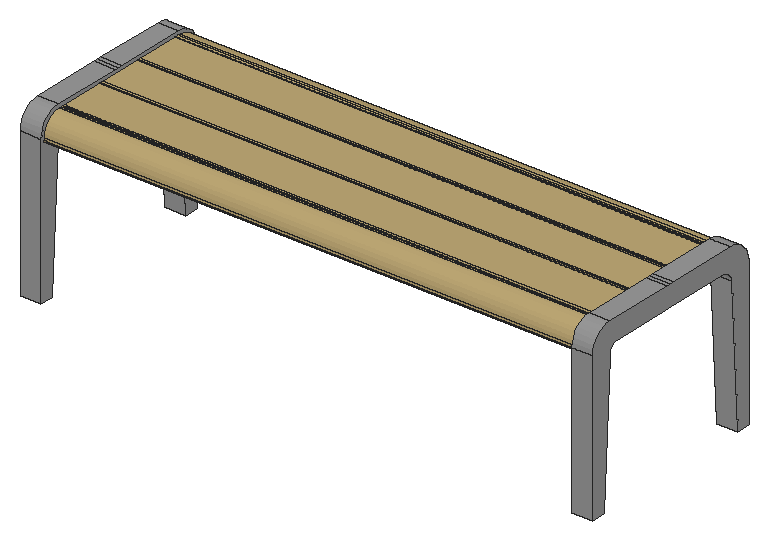
Revit family "L-FUR_벤치_YB-251_예건", category 일반 모델, Revit 2021
Family settings
  보강 철근 호스트 가능 = 아니오
  원형 커넥터 치수 = 지름 사용
  부품 유형 = 보통
  작업 기준면 기반 = 아니오
  항상 수직 = 예
  로드될 때 보이드를 사용하여 절단 = 아니오
  공유 = 아니오
  룸 계산 점 = 아니오
Parameters
  한국산업규격KS = ""
  조달청표준공사코드-세부공종 = "23574250"
  기본 입면도 = 0 mm
  건설정보분류체계-부위분류 = "E943"
  LIM_INFO_주의사항 = "재배포, 재가공, 판매 금지"
  LIM_INFO_제품업체 = "예건"
  LIM_INFO_제품번호 = "YF-16"
  LIM_INFO_제품명 = "펜스_YF-16"
  LIM_INFO_제작일 = "20230315"
  LIM_INFO_재료 = "Hardwood, STL-pipe, STL-plate"
  LIM_INFO_업체정보 = ""
  LIM_INFO_업체URL = "https://yekun.com/"
  LIM_INFO_업체TEL = "(+82)31-943-6114"
  LIM_INFO_업체EMAIL = "yekun@yekun.com"
  LIM_INFO_버전 = "2023_V01"
  LIM_INFO_기타정보 = ""
  LIM_INFO_규격 = "W2000 x H1800"
  LIM_INFO_가격 = 0
  LIM_INFO_PV_포장재여부 = yes
  LIM_INFO_PV_면적 = 0.00 m²
  KBIMS_식별-버전 = ""
  KBIMS_식별-bSK등록번호 = ""
  KBIMS_보급정보-저작자 = "림인포테크_MMJ"
  KBIMS_보급정보-보급코드 = ""
Reference planes
  plane 1 "중심(앞/뒤)": y = 0
  plane 2: z = 0
  plane 3 "중심(왼쪽/오른쪽)": x = 0
Dimensions and locks
  aligned and locked: level to plane 2
Nested families
  nested 1: "YB-251_base" at (0, 0, 0), type "YB-251_base"
Definition of nested family "YB-251_base"
  Parameters (values of type "YB-251_base")
    Default Elevation = 0 mm
  Reference planes
    plane 1 "중심(앞/뒤)": y = 0
    plane 2: z = 0
    plane 3 "중심(왼쪽/오른쪽)": x = 0
  Forms (mm)
    Sweep 1, solid, not visible, detail levels fine
      path origin (0, 0, 0) x (1, 0, 0) y (0, 1, 0)
        loop
          circle (-1867.879, -167.062) r 568.25
      profile origin (-1867.879, 401.188, 0) x (0, -1, 0) y (0, 0, 1)
        loop
          circle (0, 0) r 28.75
        loop
          circle (0, 0) r 30.25
    Sweep 2, solid, not visible, detail levels coarse+medium
      path origin (0, 0, 0) x (1, 0, 0) y (0, 1, 0)
        loop
          circle (-1867.879, -167.062) r 568.25
      profile origin (-1867.879, 401.188, 0) x (0, -1, 0) y (0, 0, 1)
        loop
          line (26.465, -11.234) -> (26.657, 10.77) -> (11.234, 26.465) -> (-10.77, 26.657) -> (-26.465, 11.234) -> (-26.657, -10.77) -> (-11.234, -26.465) -> (10.77, -26.657) -> (26.465, -11.234)
        loop
          line (28.047, 11.332) -> (11.82, 27.845) -> (-11.332, 28.047) -> (-27.845, 11.82) -> (-28.047, -11.332) -> (-11.82, -27.845) -> (11.332, -28.047) -> (27.845, -11.82) -> (28.047, 11.332)
    Sweep 3, solid, not visible, detail levels fine
      path origin (0, 0, -1310.25) x (1, 0, 0) y (0, 1, 0)
        loop
          circle (-1867.879, -167.062) r 568.25
      profile origin (-1867.879, 401.188, -1310.25) x (0, -1, 0) y (0, 0, 1)
        loop
          circle (0, 1310.25) r 28.75
        loop
          circle (0, 1310.25) r 30.25
    Sweep 4, solid, not visible, detail levels coarse+medium
      path origin (0, 0, -1310.25) x (1, 0, 0) y (0, 1, 0)
        loop
          circle (-1867.879, -167.062) r 568.25
      profile origin (-1867.879, 401.188, -1310.25) x (0, -1, 0) y (0, 0, 1)
        loop
          line (26.465, 1299.016) -> (26.657, 1321.02) -> (11.234, 1336.715) -> (-10.77, 1336.907) -> (-26.465, 1321.484) -> (-26.657, 1299.48) -> (-11.234, 1283.785) -> (10.77, 1283.593) -> (26.465, 1299.016)
        loop
          line (28.047, 1321.582) -> (11.82, 1338.095) -> (-11.332, 1338.297) -> (-27.845, 1322.07) -> (-28.047, 1298.918) -> (-11.82, 1282.405) -> (11.332, 1282.203) -> (27.845, 1298.43) -> (28.047, 1321.582)
    Extrusion 5, solid, not visible
      sketch origin (0, 0, 0) x (1, 0, 0) y (0, 1, 0)
        loop
          line (-1678.243, -2480.024) -> (-1613.986, -2453.408)
          arc (-1613.986, -2453.408) -> (-1612.495, -2452.007) -> (-1612.304, -2449.969) r 2.893
          line (-1612.304, -2449.969) -> (-1622.315, -2413.562) -> (-1700.528, -2445.959) -> (-1681.864, -2478.781)
          arc (-1681.864, -2478.781) -> (-1680.288, -2480.087) -> (-1678.243, -2480.024) r 2.893
        loop
          line (-1517.968, -2394.568) -> (-1465.081, -2349.398)
          arc (-1465.081, -2349.398) -> (-1464.096, -2347.605) -> (-1464.544, -2345.608) r 2.893
          line (-1464.544, -2345.608) -> (-1485.315, -2314.077) -> (-1549.689, -2369.057) -> (-1521.796, -2394.505)
          arc (-1521.796, -2394.505) -> (-1519.893, -2395.26) -> (-1517.968, -2394.568) r 2.893
        loop
          line (-1391.945, -2263.766) -> (-1355.605, -2204.465)
          arc (-1355.605, -2204.465) -> (-1355.222, -2202.454) -> (-1356.265, -2200.694) r 2.893
          line (-1356.265, -2200.694) -> (-1385.763, -2177.125) -> (-1429.997, -2249.307) -> (-1395.605, -2264.89)
          arc (-1395.605, -2264.89) -> (-1393.562, -2265.02) -> (-1391.945, -2263.766) r 2.893
        loop
          line (-1312.509, -2100.424) -> (-1296.273, -2032.795)
          arc (-1296.273, -2032.795) -> (-1296.53, -2030.765) -> (-1298.067, -2029.413) r 2.893
          line (-1298.067, -2029.413) -> (-1333.404, -2016.112) -> (-1353.167, -2098.431) -> (-1315.643, -2102.623)
          arc (-1315.643, -2102.623) -> (-1313.66, -2102.116) -> (-1312.509, -2100.424) r 2.893
        loop
          line (-1287.437, -1920.529) -> (-1292.894, -1851.193)
          arc (-1292.894, -1851.193) -> (-1293.766, -1849.341) -> (-1295.645, -1848.53) r 2.893
          line (-1295.645, -1848.53) -> (-1333.364, -1846.801) -> (-1326.722, -1931.197) -> (-1289.738, -1923.589)
          arc (-1289.738, -1923.589) -> (-1288.009, -1922.494) -> (-1287.437, -1920.529) r 2.893
        loop
          line (-1319.183, -1741.691) -> (-1345.799, -1677.435)
          arc (-1345.799, -1677.435) -> (-1347.201, -1675.943) -> (-1349.238, -1675.753) r 2.893
          line (-1349.238, -1675.753) -> (-1385.645, -1685.763) -> (-1353.248, -1763.977) -> (-1320.426, -1745.312)
          arc (-1320.426, -1745.312) -> (-1319.12, -1743.736) -> (-1319.183, -1741.691) r 2.893
        loop
          line (-1404.64, -1581.416) -> (-1449.809, -1528.529)
          arc (-1449.809, -1528.529) -> (-1451.603, -1527.544) -> (-1453.6, -1527.992) r 2.893
          line (-1453.6, -1527.992) -> (-1485.131, -1548.764) -> (-1430.15, -1613.138) -> (-1404.702, -1585.244)
          arc (-1404.702, -1585.244) -> (-1403.947, -1583.342) -> (-1404.64, -1581.416) r 2.893
        loop
          line (-1535.441, -1455.393) -> (-1594.742, -1419.053)
          arc (-1594.742, -1419.053) -> (-1596.753, -1418.67) -> (-1598.513, -1419.714) r 2.893
          line (-1598.513, -1419.714) -> (-1622.083, -1449.212) -> (-1549.9, -1493.445) -> (-1534.317, -1459.053)
          arc (-1534.317, -1459.053) -> (-1534.187, -1457.01) -> (-1535.441, -1455.393) r 2.893
        loop
          line (-1698.784, -1375.958) -> (-1766.412, -1359.721)
          arc (-1766.412, -1359.721) -> (-1768.443, -1359.978) -> (-1769.795, -1361.515) r 2.893
          line (-1769.795, -1361.515) -> (-1783.095, -1396.853) -> (-1700.777, -1416.616) -> (-1696.584, -1379.091)
          arc (-1696.584, -1379.091) -> (-1697.091, -1377.108) -> (-1698.784, -1375.958) r 2.893
        loop
          line (-1878.679, -1350.886) -> (-1948.015, -1356.343)
          arc (-1948.015, -1356.343) -> (-1949.866, -1357.215) -> (-1950.677, -1359.094) r 2.893
          line (-1950.677, -1359.094) -> (-1952.406, -1396.812) -> (-1868.01, -1390.17) -> (-1875.618, -1353.187)
          arc (-1875.618, -1353.187) -> (-1876.713, -1351.457) -> (-1878.679, -1350.886) r 2.893
        loop
          line (-2057.516, -1382.632) -> (-2121.773, -1409.247)
          arc (-2121.773, -1409.247) -> (-2123.264, -1410.649) -> (-2123.455, -1412.687) r 2.893
          line (-2123.455, -1412.687) -> (-2113.444, -1449.093) -> (-2035.231, -1416.696) -> (-2053.895, -1383.874)
          arc (-2053.895, -1383.874) -> (-2055.471, -1382.568) -> (-2057.516, -1382.632) r 2.893
        loop
          line (-2217.791, -1468.088) -> (-2270.678, -1513.257)
          arc (-2270.678, -1513.257) -> (-2271.663, -1515.051) -> (-2271.215, -1517.048) r 2.893
          line (-2271.215, -1517.048) -> (-2250.444, -1548.579) -> (-2186.07, -1493.598) -> (-2213.963, -1468.15)
          arc (-2213.963, -1468.15) -> (-2215.865, -1467.395) -> (-2217.791, -1468.088) r 2.893
        loop
          line (-2343.814, -1598.889) -> (-2380.154, -1658.191)
          arc (-2380.154, -1658.191) -> (-2380.537, -1660.201) -> (-2379.494, -1661.962) r 2.893
          line (-2379.494, -1661.962) -> (-2349.996, -1685.531) -> (-2305.762, -1613.349) -> (-2340.154, -1597.766)
          arc (-2340.154, -1597.766) -> (-2342.197, -1597.635) -> (-2343.814, -1598.889) r 2.893
        loop
          line (-2437.692, -1833.243) -> (-2402.355, -1846.543) -> (-2382.592, -1764.225) -> (-2420.116, -1760.032)
          arc (-2420.116, -1760.032) -> (-2422.099, -1760.539) -> (-2423.25, -1762.232) r 2.893
          line (-2423.25, -1762.232) -> (-2439.486, -1829.861)
          arc (-2439.486, -1829.861) -> (-2439.229, -1831.891) -> (-2437.692, -1833.243) r 2.893
        loop
          line (-2440.113, -2014.125) -> (-2402.395, -2015.855) -> (-2409.037, -1931.458) -> (-2446.021, -1939.067)
          arc (-2446.021, -1939.067) -> (-2447.75, -1940.162) -> (-2448.322, -1942.127) r 2.893
          line (-2448.322, -1942.127) -> (-2442.865, -2011.463)
          arc (-2442.865, -2011.463) -> (-2441.993, -2013.314) -> (-2440.113, -2014.125) r 2.893
        loop
          line (-2386.521, -2186.903) -> (-2350.114, -2176.892) -> (-2382.511, -2098.679) -> (-2415.333, -2117.343)
          arc (-2415.333, -2117.343) -> (-2416.639, -2118.919) -> (-2416.576, -2120.965) r 2.893
          line (-2416.576, -2120.965) -> (-2389.96, -2185.221)
          arc (-2389.96, -2185.221) -> (-2388.558, -2186.712) -> (-2386.521, -2186.903) r 2.893
        loop
          line (-2282.159, -2334.663) -> (-2250.628, -2313.892) -> (-2305.609, -2249.518) -> (-2331.057, -2277.412)
          arc (-2331.057, -2277.412) -> (-2331.812, -2279.314) -> (-2331.119, -2281.24) r 2.893
          line (-2331.119, -2281.24) -> (-2285.95, -2334.126)
          arc (-2285.95, -2334.126) -> (-2284.156, -2335.112) -> (-2282.159, -2334.663) r 2.893
        loop
          line (-2137.246, -2442.942) -> (-2113.676, -2413.444) -> (-2185.859, -2369.21) -> (-2201.441, -2403.603)
          arc (-2201.441, -2403.603) -> (-2201.572, -2405.645) -> (-2200.318, -2407.263) r 2.893
          line (-2200.318, -2407.263) -> (-2141.017, -2443.603)
          arc (-2141.017, -2443.603) -> (-2139.006, -2443.986) -> (-2137.246, -2442.942) r 2.893
        loop
          line (-1965.964, -2501.141) -> (-1952.664, -2465.803) -> (-2034.982, -2446.04) -> (-2039.175, -2483.564)
          arc (-2039.175, -2483.564) -> (-2038.668, -2485.547) -> (-2036.975, -2486.698) r 2.893
          line (-2036.975, -2486.698) -> (-1969.347, -2502.934)
          arc (-1969.347, -2502.934) -> (-1967.316, -2502.677) -> (-1965.964, -2501.141) r 2.893
        loop
          line (-1785.082, -2503.562) -> (-1783.353, -2465.844) -> (-1867.749, -2472.486) -> (-1860.141, -2509.469)
          arc (-1860.141, -2509.469) -> (-1859.046, -2511.198) -> (-1857.08, -2511.77) r 2.893
          line (-1857.08, -2511.77) -> (-1787.744, -2506.313)
          arc (-1787.744, -2506.313) -> (-1785.893, -2505.441) -> (-1785.082, -2503.562) r 2.893
      from 0 to 680
    Extrusion 6, solid, not visible
      sketch origin (-326.184, 269.167, 0) x (0.987613, 0.156911, 0) y (-0.156911, 0.987613, 0)
        loop
          line (-1678.243, -2480.024) -> (-1613.986, -2453.408)
          arc (-1613.986, -2453.408) -> (-1612.495, -2452.007) -> (-1612.304, -2449.969) r 2.893
          line (-1612.304, -2449.969) -> (-1622.315, -2413.562) -> (-1700.528, -2445.959) -> (-1681.864, -2478.781)
          arc (-1681.864, -2478.781) -> (-1680.288, -2480.087) -> (-1678.243, -2480.024) r 2.893
        loop
          line (-1517.968, -2394.568) -> (-1465.081, -2349.398)
          arc (-1465.081, -2349.398) -> (-1464.096, -2347.605) -> (-1464.544, -2345.608) r 2.893
          line (-1464.544, -2345.608) -> (-1485.315, -2314.077) -> (-1549.689, -2369.057) -> (-1521.796, -2394.505)
          arc (-1521.796, -2394.505) -> (-1519.893, -2395.26) -> (-1517.968, -2394.568) r 2.893
        loop
          line (-1391.945, -2263.766) -> (-1355.605, -2204.465)
          arc (-1355.605, -2204.465) -> (-1355.222, -2202.454) -> (-1356.265, -2200.694) r 2.893
          line (-1356.265, -2200.694) -> (-1385.763, -2177.125) -> (-1429.997, -2249.307) -> (-1395.605, -2264.89)
          arc (-1395.605, -2264.89) -> (-1393.562, -2265.02) -> (-1391.945, -2263.766) r 2.893
        loop
          line (-1312.509, -2100.424) -> (-1296.273, -2032.795)
          arc (-1296.273, -2032.795) -> (-1296.53, -2030.765) -> (-1298.067, -2029.413) r 2.893
          line (-1298.067, -2029.413) -> (-1333.404, -2016.112) -> (-1353.167, -2098.431) -> (-1315.643, -2102.623)
          arc (-1315.643, -2102.623) -> (-1313.66, -2102.116) -> (-1312.509, -2100.424) r 2.893
        loop
          line (-1287.437, -1920.529) -> (-1292.894, -1851.193)
          arc (-1292.894, -1851.193) -> (-1293.766, -1849.341) -> (-1295.645, -1848.53) r 2.893
          line (-1295.645, -1848.53) -> (-1333.364, -1846.801) -> (-1326.722, -1931.197) -> (-1289.738, -1923.589)
          arc (-1289.738, -1923.589) -> (-1288.009, -1922.494) -> (-1287.437, -1920.529) r 2.893
        loop
          line (-1319.183, -1741.691) -> (-1345.799, -1677.435)
          arc (-1345.799, -1677.435) -> (-1347.201, -1675.943) -> (-1349.238, -1675.753) r 2.893
          line (-1349.238, -1675.753) -> (-1385.645, -1685.763) -> (-1353.248, -1763.977) -> (-1320.426, -1745.312)
          arc (-1320.426, -1745.312) -> (-1319.12, -1743.736) -> (-1319.183, -1741.691) r 2.893
        loop
          line (-1404.64, -1581.416) -> (-1449.809, -1528.529)
          arc (-1449.809, -1528.529) -> (-1451.603, -1527.544) -> (-1453.6, -1527.992) r 2.893
          line (-1453.6, -1527.992) -> (-1485.131, -1548.764) -> (-1430.15, -1613.138) -> (-1404.702, -1585.244)
          arc (-1404.702, -1585.244) -> (-1403.947, -1583.342) -> (-1404.64, -1581.416) r 2.893
        loop
          line (-1535.441, -1455.393) -> (-1594.742, -1419.053)
          arc (-1594.742, -1419.053) -> (-1596.753, -1418.67) -> (-1598.513, -1419.714) r 2.893
          line (-1598.513, -1419.714) -> (-1622.083, -1449.212) -> (-1549.9, -1493.445) -> (-1534.317, -1459.053)
          arc (-1534.317, -1459.053) -> (-1534.187, -1457.01) -> (-1535.441, -1455.393) r 2.893
        loop
          line (-1698.784, -1375.958) -> (-1766.412, -1359.721)
          arc (-1766.412, -1359.721) -> (-1768.443, -1359.978) -> (-1769.795, -1361.515) r 2.893
          line (-1769.795, -1361.515) -> (-1783.095, -1396.853) -> (-1700.777, -1416.616) -> (-1696.584, -1379.091)
          arc (-1696.584, -1379.091) -> (-1697.091, -1377.108) -> (-1698.784, -1375.958) r 2.893
        loop
          line (-1878.679, -1350.886) -> (-1948.015, -1356.343)
          arc (-1948.015, -1356.343) -> (-1949.866, -1357.215) -> (-1950.677, -1359.094) r 2.893
          line (-1950.677, -1359.094) -> (-1952.406, -1396.812) -> (-1868.01, -1390.17) -> (-1875.618, -1353.187)
          arc (-1875.618, -1353.187) -> (-1876.713, -1351.457) -> (-1878.679, -1350.886) r 2.893
        loop
          line (-2057.516, -1382.632) -> (-2121.773, -1409.247)
          arc (-2121.773, -1409.247) -> (-2123.264, -1410.649) -> (-2123.455, -1412.687) r 2.893
          line (-2123.455, -1412.687) -> (-2113.444, -1449.093) -> (-2035.231, -1416.696) -> (-2053.895, -1383.874)
          arc (-2053.895, -1383.874) -> (-2055.471, -1382.568) -> (-2057.516, -1382.632) r 2.893
        loop
          line (-2217.791, -1468.088) -> (-2270.678, -1513.257)
          arc (-2270.678, -1513.257) -> (-2271.663, -1515.051) -> (-2271.215, -1517.048) r 2.893
          line (-2271.215, -1517.048) -> (-2250.444, -1548.579) -> (-2186.07, -1493.598) -> (-2213.963, -1468.15)
          arc (-2213.963, -1468.15) -> (-2215.865, -1467.395) -> (-2217.791, -1468.088) r 2.893
        loop
          line (-2343.814, -1598.889) -> (-2380.154, -1658.191)
          arc (-2380.154, -1658.191) -> (-2380.537, -1660.201) -> (-2379.494, -1661.962) r 2.893
          line (-2379.494, -1661.962) -> (-2349.996, -1685.531) -> (-2305.762, -1613.349) -> (-2340.154, -1597.766)
          arc (-2340.154, -1597.766) -> (-2342.197, -1597.635) -> (-2343.814, -1598.889) r 2.893
        loop
          line (-2437.692, -1833.243) -> (-2402.355, -1846.543) -> (-2382.592, -1764.225) -> (-2420.116, -1760.032)
          arc (-2420.116, -1760.032) -> (-2422.099, -1760.539) -> (-2423.25, -1762.232) r 2.893
          line (-2423.25, -1762.232) -> (-2439.486, -1829.861)
          arc (-2439.486, -1829.861) -> (-2439.229, -1831.891) -> (-2437.692, -1833.243) r 2.893
        loop
          line (-2440.113, -2014.125) -> (-2402.395, -2015.855) -> (-2409.037, -1931.458) -> (-2446.021, -1939.067)
          arc (-2446.021, -1939.067) -> (-2447.75, -1940.162) -> (-2448.322, -1942.127) r 2.893
          line (-2448.322, -1942.127) -> (-2442.865, -2011.463)
          arc (-2442.865, -2011.463) -> (-2441.993, -2013.314) -> (-2440.113, -2014.125) r 2.893
        loop
          line (-2386.521, -2186.903) -> (-2350.114, -2176.892) -> (-2382.511, -2098.679) -> (-2415.333, -2117.343)
          arc (-2415.333, -2117.343) -> (-2416.639, -2118.919) -> (-2416.576, -2120.965) r 2.893
          line (-2416.576, -2120.965) -> (-2389.96, -2185.221)
          arc (-2389.96, -2185.221) -> (-2388.558, -2186.712) -> (-2386.521, -2186.903) r 2.893
        loop
          line (-2282.159, -2334.663) -> (-2250.628, -2313.892) -> (-2305.609, -2249.518) -> (-2331.057, -2277.412)
          arc (-2331.057, -2277.412) -> (-2331.812, -2279.314) -> (-2331.119, -2281.24) r 2.893
          line (-2331.119, -2281.24) -> (-2285.95, -2334.126)
          arc (-2285.95, -2334.126) -> (-2284.156, -2335.112) -> (-2282.159, -2334.663) r 2.893
        loop
          line (-2137.246, -2442.942) -> (-2113.676, -2413.444) -> (-2185.859, -2369.21) -> (-2201.441, -2403.603)
          arc (-2201.441, -2403.603) -> (-2201.572, -2405.645) -> (-2200.318, -2407.263) r 2.893
          line (-2200.318, -2407.263) -> (-2141.017, -2443.603)
          arc (-2141.017, -2443.603) -> (-2139.006, -2443.986) -> (-2137.246, -2442.942) r 2.893
        loop
          line (-1965.964, -2501.141) -> (-1952.664, -2465.803) -> (-2034.982, -2446.04) -> (-2039.175, -2483.564)
          arc (-2039.175, -2483.564) -> (-2038.668, -2485.547) -> (-2036.975, -2486.698) r 2.893
          line (-2036.975, -2486.698) -> (-1969.347, -2502.934)
          arc (-1969.347, -2502.934) -> (-1967.316, -2502.677) -> (-1965.964, -2501.141) r 2.893
        loop
          line (-1785.082, -2503.562) -> (-1783.353, -2465.844) -> (-1867.749, -2472.486) -> (-1860.141, -2509.469)
          arc (-1860.141, -2509.469) -> (-1859.046, -2511.198) -> (-1857.08, -2511.77) r 2.893
          line (-1857.08, -2511.77) -> (-1787.744, -2506.313)
          arc (-1787.744, -2506.313) -> (-1785.893, -2505.441) -> (-1785.082, -2503.562) r 2.893
      from 0 to 680
    Extrusion 7, solid, not visible
      sketch origin (0, 0, 0) x (1, 0, 0) y (0, 1, 0)
        loop
          circle (-1867.879, -1931.328) r 537.5
        loop
          circle (-1867.879, -1931.328) r 539.5
      from 0 to 794.31
    Sweep 8, solid, not visible, detail levels fine
      path origin (0, -1764.266, -542.405) x (1, 0, 0) y (0, 1, 0)
        loop
          circle (-1867.879, -167.062) r 568.25
      profile origin (-1867.879, -1363.078, -542.405) x (0, -1, 0) y (0, 0, 1)
        loop
          circle (0, 1310.25) r 28.75
        loop
          circle (0, 1310.25) r 30.25
    Sweep 9, solid, not visible, detail levels coarse+medium
      path origin (0, -1764.266, -542.405) x (1, 0, 0) y (0, 1, 0)
        loop
          circle (-1867.879, -167.062) r 568.25
      profile origin (-1867.879, -1363.078, -542.405) x (0, -1, 0) y (0, 0, 1)
        loop
          line (26.465, 1299.016) -> (26.657, 1321.02) -> (11.234, 1336.715) -> (-10.77, 1336.907) -> (-26.465, 1321.484) -> (-26.657, 1299.48) -> (-11.234, 1283.785) -> (10.77, 1283.593) -> (26.465, 1299.016)
        loop
          line (28.047, 1321.582) -> (11.82, 1338.095) -> (-11.332, 1338.297) -> (-27.845, 1322.07) -> (-28.047, 1298.918) -> (-11.82, 1282.405) -> (11.332, 1282.203) -> (27.845, 1298.43) -> (28.047, 1321.582)
    Sweep 10, solid, not visible, detail levels fine
      path origin (0, -1764.266, -1278.297) x (1, 0, 0) y (0, 1, 0)
        loop
          circle (-1867.879, -167.062) r 568.25
      profile origin (-1867.879, -1363.078, -1278.297) x (0, -1, 0) y (0, 0, 1)
        loop
          circle (0, 1310.25) r 28.75
        loop
          circle (0, 1310.25) r 30.25
    Sweep 11, solid, not visible, detail levels coarse+medium
      path origin (0, -1764.266, -1278.297) x (1, 0, 0) y (0, 1, 0)
        loop
          circle (-1867.879, -167.062) r 568.25
      profile origin (-1867.879, -1363.078, -1278.297) x (0, -1, 0) y (0, 0, 1)
        loop
          line (26.465, 1299.016) -> (26.657, 1321.02) -> (11.234, 1336.715) -> (-10.77, 1336.907) -> (-26.465, 1321.484) -> (-26.657, 1299.48) -> (-11.234, 1283.785) -> (10.77, 1283.593) -> (26.465, 1299.016)
        loop
          line (28.047, 1321.582) -> (11.82, 1338.095) -> (-11.332, 1338.297) -> (-27.845, 1322.07) -> (-28.047, 1298.918) -> (-11.82, 1282.405) -> (11.332, 1282.203) -> (27.845, 1298.43) -> (28.047, 1321.582)
    Extrusion 12, solid, not visible
      sketch origin (0, 0, 60) x (1, 0, 0) y (0, 1, 0)
        loop
          line (-1678.243, -2480.024) -> (-1613.986, -2453.408)
          arc (-1613.986, -2453.408) -> (-1612.495, -2452.007) -> (-1612.304, -2449.969) r 2.893
          line (-1612.304, -2449.969) -> (-1622.315, -2413.562) -> (-1700.528, -2445.959) -> (-1681.864, -2478.781)
          arc (-1681.864, -2478.781) -> (-1680.288, -2480.087) -> (-1678.243, -2480.024) r 2.893
        loop
          line (-1517.968, -2394.568) -> (-1465.081, -2349.398)
          arc (-1465.081, -2349.398) -> (-1464.096, -2347.605) -> (-1464.544, -2345.608) r 2.893
          line (-1464.544, -2345.608) -> (-1485.315, -2314.077) -> (-1549.689, -2369.057) -> (-1521.796, -2394.505)
          arc (-1521.796, -2394.505) -> (-1519.893, -2395.26) -> (-1517.968, -2394.568) r 2.893
        loop
          line (-1391.945, -2263.766) -> (-1355.605, -2204.465)
          arc (-1355.605, -2204.465) -> (-1355.222, -2202.454) -> (-1356.265, -2200.694) r 2.893
          line (-1356.265, -2200.694) -> (-1385.763, -2177.125) -> (-1429.997, -2249.307) -> (-1395.605, -2264.89)
          arc (-1395.605, -2264.89) -> (-1393.562, -2265.02) -> (-1391.945, -2263.766) r 2.893
        loop
          line (-1312.509, -2100.424) -> (-1296.273, -2032.795)
          arc (-1296.273, -2032.795) -> (-1296.53, -2030.765) -> (-1298.067, -2029.413) r 2.893
          line (-1298.067, -2029.413) -> (-1333.404, -2016.112) -> (-1353.167, -2098.431) -> (-1315.643, -2102.623)
          arc (-1315.643, -2102.623) -> (-1313.66, -2102.116) -> (-1312.509, -2100.424) r 2.893
        loop
          line (-1287.437, -1920.529) -> (-1292.894, -1851.193)
          arc (-1292.894, -1851.193) -> (-1293.766, -1849.341) -> (-1295.645, -1848.53) r 2.893
          line (-1295.645, -1848.53) -> (-1333.364, -1846.801) -> (-1326.722, -1931.197) -> (-1289.738, -1923.589)
          arc (-1289.738, -1923.589) -> (-1288.009, -1922.494) -> (-1287.437, -1920.529) r 2.893
        loop
          line (-1319.183, -1741.691) -> (-1345.799, -1677.435)
          arc (-1345.799, -1677.435) -> (-1347.201, -1675.943) -> (-1349.238, -1675.753) r 2.893
          line (-1349.238, -1675.753) -> (-1385.645, -1685.763) -> (-1353.248, -1763.977) -> (-1320.426, -1745.312)
          arc (-1320.426, -1745.312) -> (-1319.12, -1743.736) -> (-1319.183, -1741.691) r 2.893
        loop
          line (-1404.64, -1581.416) -> (-1449.809, -1528.529)
          arc (-1449.809, -1528.529) -> (-1451.603, -1527.544) -> (-1453.6, -1527.992) r 2.893
          line (-1453.6, -1527.992) -> (-1485.131, -1548.764) -> (-1430.15, -1613.138) -> (-1404.702, -1585.244)
          arc (-1404.702, -1585.244) -> (-1403.947, -1583.342) -> (-1404.64, -1581.416) r 2.893
        loop
          line (-1535.441, -1455.393) -> (-1594.742, -1419.053)
          arc (-1594.742, -1419.053) -> (-1596.753, -1418.67) -> (-1598.513, -1419.714) r 2.893
          line (-1598.513, -1419.714) -> (-1622.083, -1449.212) -> (-1549.9, -1493.445) -> (-1534.317, -1459.053)
          arc (-1534.317, -1459.053) -> (-1534.187, -1457.01) -> (-1535.441, -1455.393) r 2.893
        loop
          line (-1698.784, -1375.958) -> (-1766.412, -1359.721)
          arc (-1766.412, -1359.721) -> (-1768.443, -1359.978) -> (-1769.795, -1361.515) r 2.893
          line (-1769.795, -1361.515) -> (-1783.095, -1396.853) -> (-1700.777, -1416.616) -> (-1696.584, -1379.091)
          arc (-1696.584, -1379.091) -> (-1697.091, -1377.108) -> (-1698.784, -1375.958) r 2.893
        loop
          line (-1878.679, -1350.886) -> (-1948.015, -1356.343)
          arc (-1948.015, -1356.343) -> (-1949.866, -1357.215) -> (-1950.677, -1359.094) r 2.893
          line (-1950.677, -1359.094) -> (-1952.406, -1396.812) -> (-1868.01, -1390.17) -> (-1875.618, -1353.187)
          arc (-1875.618, -1353.187) -> (-1876.713, -1351.457) -> (-1878.679, -1350.886) r 2.893
        loop
          line (-2057.516, -1382.632) -> (-2121.773, -1409.247)
          arc (-2121.773, -1409.247) -> (-2123.264, -1410.649) -> (-2123.455, -1412.687) r 2.893
          line (-2123.455, -1412.687) -> (-2113.444, -1449.093) -> (-2035.231, -1416.696) -> (-2053.895, -1383.874)
          arc (-2053.895, -1383.874) -> (-2055.471, -1382.568) -> (-2057.516, -1382.632) r 2.893
        loop
          line (-2217.791, -1468.088) -> (-2270.678, -1513.257)
          arc (-2270.678, -1513.257) -> (-2271.663, -1515.051) -> (-2271.215, -1517.048) r 2.893
          line (-2271.215, -1517.048) -> (-2250.444, -1548.579) -> (-2186.07, -1493.598) -> (-2213.963, -1468.15)
          arc (-2213.963, -1468.15) -> (-2215.865, -1467.395) -> (-2217.791, -1468.088) r 2.893
        loop
          line (-2343.814, -1598.889) -> (-2380.154, -1658.191)
          arc (-2380.154, -1658.191) -> (-2380.537, -1660.201) -> (-2379.494, -1661.962) r 2.893
          line (-2379.494, -1661.962) -> (-2349.996, -1685.531) -> (-2305.762, -1613.349) -> (-2340.154, -1597.766)
          arc (-2340.154, -1597.766) -> (-2342.197, -1597.635) -> (-2343.814, -1598.889) r 2.893
        loop
          line (-2437.692, -1833.243) -> (-2402.355, -1846.543) -> (-2382.592, -1764.225) -> (-2420.116, -1760.032)
          arc (-2420.116, -1760.032) -> (-2422.099, -1760.539) -> (-2423.25, -1762.232) r 2.893
          line (-2423.25, -1762.232) -> (-2439.486, -1829.861)
          arc (-2439.486, -1829.861) -> (-2439.229, -1831.891) -> (-2437.692, -1833.243) r 2.893
        loop
          line (-2440.113, -2014.125) -> (-2402.395, -2015.855) -> (-2409.037, -1931.458) -> (-2446.021, -1939.067)
          arc (-2446.021, -1939.067) -> (-2447.75, -1940.162) -> (-2448.322, -1942.127) r 2.893
          line (-2448.322, -1942.127) -> (-2442.865, -2011.463)
          arc (-2442.865, -2011.463) -> (-2441.993, -2013.314) -> (-2440.113, -2014.125) r 2.893
        loop
          line (-2386.521, -2186.903) -> (-2350.114, -2176.892) -> (-2382.511, -2098.679) -> (-2415.333, -2117.343)
          arc (-2415.333, -2117.343) -> (-2416.639, -2118.919) -> (-2416.576, -2120.965) r 2.893
          line (-2416.576, -2120.965) -> (-2389.96, -2185.221)
          arc (-2389.96, -2185.221) -> (-2388.558, -2186.712) -> (-2386.521, -2186.903) r 2.893
        loop
          line (-2282.159, -2334.663) -> (-2250.628, -2313.892) -> (-2305.609, -2249.518) -> (-2331.057, -2277.412)
          arc (-2331.057, -2277.412) -> (-2331.812, -2279.314) -> (-2331.119, -2281.24) r 2.893
          line (-2331.119, -2281.24) -> (-2285.95, -2334.126)
          arc (-2285.95, -2334.126) -> (-2284.156, -2335.112) -> (-2282.159, -2334.663) r 2.893
        loop
          line (-2137.246, -2442.942) -> (-2113.676, -2413.444) -> (-2185.859, -2369.21) -> (-2201.441, -2403.603)
          arc (-2201.441, -2403.603) -> (-2201.572, -2405.645) -> (-2200.318, -2407.263) r 2.893
          line (-2200.318, -2407.263) -> (-2141.017, -2443.603)
          arc (-2141.017, -2443.603) -> (-2139.006, -2443.986) -> (-2137.246, -2442.942) r 2.893
        loop
          line (-1965.964, -2501.141) -> (-1952.664, -2465.803) -> (-2034.982, -2446.04) -> (-2039.175, -2483.564)
          arc (-2039.175, -2483.564) -> (-2038.668, -2485.547) -> (-2036.975, -2486.698) r 2.893
          line (-2036.975, -2486.698) -> (-1969.347, -2502.934)
          arc (-1969.347, -2502.934) -> (-1967.316, -2502.677) -> (-1965.964, -2501.141) r 2.893
        loop
          line (-1785.082, -2503.562) -> (-1783.353, -2465.844) -> (-1867.749, -2472.486) -> (-1860.141, -2509.469)
          arc (-1860.141, -2509.469) -> (-1859.046, -2511.198) -> (-1857.08, -2511.77) r 2.893
          line (-1857.08, -2511.77) -> (-1787.744, -2506.313)
          arc (-1787.744, -2506.313) -> (-1785.893, -2505.441) -> (-1785.082, -2503.562) r 2.893
      from 0 to 680
    Extrusion 13, solid, not visible
      sketch origin (-326.184, 269.167, 60) x (0.987613, 0.156911, 0) y (-0.156911, 0.987613, 0)
        loop
          line (-1678.243, -2480.024) -> (-1613.986, -2453.408)
          arc (-1613.986, -2453.408) -> (-1612.495, -2452.007) -> (-1612.304, -2449.969) r 2.893
          line (-1612.304, -2449.969) -> (-1622.315, -2413.562) -> (-1700.528, -2445.959) -> (-1681.864, -2478.781)
          arc (-1681.864, -2478.781) -> (-1680.288, -2480.087) -> (-1678.243, -2480.024) r 2.893
        loop
          line (-1517.968, -2394.568) -> (-1465.081, -2349.398)
          arc (-1465.081, -2349.398) -> (-1464.096, -2347.605) -> (-1464.544, -2345.608) r 2.893
          line (-1464.544, -2345.608) -> (-1485.315, -2314.077) -> (-1549.689, -2369.057) -> (-1521.796, -2394.505)
          arc (-1521.796, -2394.505) -> (-1519.893, -2395.26) -> (-1517.968, -2394.568) r 2.893
        loop
          line (-1391.945, -2263.766) -> (-1355.605, -2204.465)
          arc (-1355.605, -2204.465) -> (-1355.222, -2202.454) -> (-1356.265, -2200.694) r 2.893
          line (-1356.265, -2200.694) -> (-1385.763, -2177.125) -> (-1429.997, -2249.307) -> (-1395.605, -2264.89)
          arc (-1395.605, -2264.89) -> (-1393.562, -2265.02) -> (-1391.945, -2263.766) r 2.893
        loop
          line (-1312.509, -2100.424) -> (-1296.273, -2032.795)
          arc (-1296.273, -2032.795) -> (-1296.53, -2030.765) -> (-1298.067, -2029.413) r 2.893
          line (-1298.067, -2029.413) -> (-1333.404, -2016.112) -> (-1353.167, -2098.431) -> (-1315.643, -2102.623)
          arc (-1315.643, -2102.623) -> (-1313.66, -2102.116) -> (-1312.509, -2100.424) r 2.893
        loop
          line (-1287.437, -1920.529) -> (-1292.894, -1851.193)
          arc (-1292.894, -1851.193) -> (-1293.766, -1849.341) -> (-1295.645, -1848.53) r 2.893
          line (-1295.645, -1848.53) -> (-1333.364, -1846.801) -> (-1326.722, -1931.197) -> (-1289.738, -1923.589)
          arc (-1289.738, -1923.589) -> (-1288.009, -1922.494) -> (-1287.437, -1920.529) r 2.893
        loop
          line (-1319.183, -1741.691) -> (-1345.799, -1677.435)
          arc (-1345.799, -1677.435) -> (-1347.201, -1675.943) -> (-1349.238, -1675.753) r 2.893
          line (-1349.238, -1675.753) -> (-1385.645, -1685.763) -> (-1353.248, -1763.977) -> (-1320.426, -1745.312)
          arc (-1320.426, -1745.312) -> (-1319.12, -1743.736) -> (-1319.183, -1741.691) r 2.893
        loop
          line (-1404.64, -1581.416) -> (-1449.809, -1528.529)
          arc (-1449.809, -1528.529) -> (-1451.603, -1527.544) -> (-1453.6, -1527.992) r 2.893
          line (-1453.6, -1527.992) -> (-1485.131, -1548.764) -> (-1430.15, -1613.138) -> (-1404.702, -1585.244)
          arc (-1404.702, -1585.244) -> (-1403.947, -1583.342) -> (-1404.64, -1581.416) r 2.893
        loop
          line (-1535.441, -1455.393) -> (-1594.742, -1419.053)
          arc (-1594.742, -1419.053) -> (-1596.753, -1418.67) -> (-1598.513, -1419.714) r 2.893
          line (-1598.513, -1419.714) -> (-1622.083, -1449.212) -> (-1549.9, -1493.445) -> (-1534.317, -1459.053)
          arc (-1534.317, -1459.053) -> (-1534.187, -1457.01) -> (-1535.441, -1455.393) r 2.893
        loop
          line (-1698.784, -1375.958) -> (-1766.412, -1359.721)
          arc (-1766.412, -1359.721) -> (-1768.443, -1359.978) -> (-1769.795, -1361.515) r 2.893
          line (-1769.795, -1361.515) -> (-1783.095, -1396.853) -> (-1700.777, -1416.616) -> (-1696.584, -1379.091)
          arc (-1696.584, -1379.091) -> (-1697.091, -1377.108) -> (-1698.784, -1375.958) r 2.893
        loop
          line (-1878.679, -1350.886) -> (-1948.015, -1356.343)
          arc (-1948.015, -1356.343) -> (-1949.866, -1357.215) -> (-1950.677, -1359.094) r 2.893
          line (-1950.677, -1359.094) -> (-1952.406, -1396.812) -> (-1868.01, -1390.17) -> (-1875.618, -1353.187)
          arc (-1875.618, -1353.187) -> (-1876.713, -1351.457) -> (-1878.679, -1350.886) r 2.893
        loop
          line (-2057.516, -1382.632) -> (-2121.773, -1409.247)
          arc (-2121.773, -1409.247) -> (-2123.264, -1410.649) -> (-2123.455, -1412.687) r 2.893
          line (-2123.455, -1412.687) -> (-2113.444, -1449.093) -> (-2035.231, -1416.696) -> (-2053.895, -1383.874)
          arc (-2053.895, -1383.874) -> (-2055.471, -1382.568) -> (-2057.516, -1382.632) r 2.893
        loop
          line (-2217.791, -1468.088) -> (-2270.678, -1513.257)
          arc (-2270.678, -1513.257) -> (-2271.663, -1515.051) -> (-2271.215, -1517.048) r 2.893
          line (-2271.215, -1517.048) -> (-2250.444, -1548.579) -> (-2186.07, -1493.598) -> (-2213.963, -1468.15)
          arc (-2213.963, -1468.15) -> (-2215.865, -1467.395) -> (-2217.791, -1468.088) r 2.893
        loop
          line (-2343.814, -1598.889) -> (-2380.154, -1658.191)
          arc (-2380.154, -1658.191) -> (-2380.537, -1660.201) -> (-2379.494, -1661.962) r 2.893
          line (-2379.494, -1661.962) -> (-2349.996, -1685.531) -> (-2305.762, -1613.349) -> (-2340.154, -1597.766)
          arc (-2340.154, -1597.766) -> (-2342.197, -1597.635) -> (-2343.814, -1598.889) r 2.893
        loop
          line (-2437.692, -1833.243) -> (-2402.355, -1846.543) -> (-2382.592, -1764.225) -> (-2420.116, -1760.032)
          arc (-2420.116, -1760.032) -> (-2422.099, -1760.539) -> (-2423.25, -1762.232) r 2.893
          line (-2423.25, -1762.232) -> (-2439.486, -1829.861)
          arc (-2439.486, -1829.861) -> (-2439.229, -1831.891) -> (-2437.692, -1833.243) r 2.893
        loop
          line (-2440.113, -2014.125) -> (-2402.395, -2015.855) -> (-2409.037, -1931.458) -> (-2446.021, -1939.067)
          arc (-2446.021, -1939.067) -> (-2447.75, -1940.162) -> (-2448.322, -1942.127) r 2.893
          line (-2448.322, -1942.127) -> (-2442.865, -2011.463)
          arc (-2442.865, -2011.463) -> (-2441.993, -2013.314) -> (-2440.113, -2014.125) r 2.893
        loop
          line (-2386.521, -2186.903) -> (-2350.114, -2176.892) -> (-2382.511, -2098.679) -> (-2415.333, -2117.343)
          arc (-2415.333, -2117.343) -> (-2416.639, -2118.919) -> (-2416.576, -2120.965) r 2.893
          line (-2416.576, -2120.965) -> (-2389.96, -2185.221)
          arc (-2389.96, -2185.221) -> (-2388.558, -2186.712) -> (-2386.521, -2186.903) r 2.893
        loop
          line (-2282.159, -2334.663) -> (-2250.628, -2313.892) -> (-2305.609, -2249.518) -> (-2331.057, -2277.412)
          arc (-2331.057, -2277.412) -> (-2331.812, -2279.314) -> (-2331.119, -2281.24) r 2.893
          line (-2331.119, -2281.24) -> (-2285.95, -2334.126)
          arc (-2285.95, -2334.126) -> (-2284.156, -2335.112) -> (-2282.159, -2334.663) r 2.893
        loop
          line (-2137.246, -2442.942) -> (-2113.676, -2413.444) -> (-2185.859, -2369.21) -> (-2201.441, -2403.603)
          arc (-2201.441, -2403.603) -> (-2201.572, -2405.645) -> (-2200.318, -2407.263) r 2.893
          line (-2200.318, -2407.263) -> (-2141.017, -2443.603)
          arc (-2141.017, -2443.603) -> (-2139.006, -2443.986) -> (-2137.246, -2442.942) r 2.893
        loop
          line (-1965.964, -2501.141) -> (-1952.664, -2465.803) -> (-2034.982, -2446.04) -> (-2039.175, -2483.564)
          arc (-2039.175, -2483.564) -> (-2038.668, -2485.547) -> (-2036.975, -2486.698) r 2.893
          line (-2036.975, -2486.698) -> (-1969.347, -2502.934)
          arc (-1969.347, -2502.934) -> (-1967.316, -2502.677) -> (-1965.964, -2501.141) r 2.893
        loop
          line (-1785.082, -2503.562) -> (-1783.353, -2465.844) -> (-1867.749, -2472.486) -> (-1860.141, -2509.469)
          arc (-1860.141, -2509.469) -> (-1859.046, -2511.198) -> (-1857.08, -2511.77) r 2.893
          line (-1857.08, -2511.77) -> (-1787.744, -2506.313)
          arc (-1787.744, -2506.313) -> (-1785.893, -2505.441) -> (-1785.082, -2503.562) r 2.893
      from 0 to 680
    Extrusion 14, solid, not visible
      sketch origin (0, -1764.266, 4.107) x (1, 0, 0) y (0, 1, 0)
        loop
          arc (-2404.542, -137.062) -> (-2405.379, -167.062) -> (-2404.542, -197.062) r 537.5
          line (-2404.542, -197.062) -> (-1331.217, -197.062)
          arc (-1331.217, -197.062) -> (-1330.379, -167.062) -> (-1331.217, -137.062) r 537.5
          line (-1331.217, -137.062) -> (-2404.542, -137.062)
      from 0 to 40
    Extrusion 15, solid, not visible
      sketch origin (-2034.942, -63.448, 4.107) x (0, 1, 0) y (-1, 0, 0)
        loop
          arc (-2404.542, -137.062) -> (-2405.379, -167.062) -> (-2404.542, -197.062) r 537.5
          line (-2404.542, -197.062) -> (-1331.217, -197.062)
          arc (-1331.217, -197.062) -> (-1330.379, -167.062) -> (-1331.217, -137.062) r 537.5
          line (-1331.217, -137.062) -> (-2404.542, -137.062)
      from 0 to 40
    Extrusion 16, solid, not visible
      sketch origin (0, -1764.266, 44.107) x (1, 0, 0) y (0, 1, 0)
        loop
          circle (-1867.879, -167.062) r 537.5
        loop
          circle (-2080.012, -379.194) r 10
        loop
          circle (-1655.747, -379.194) r 10
        loop
          circle (-1655.747, 45.07) r 10
        loop
          circle (-2080.012, 45.07) r 10
      from 0 to 1.2
    Extrusion 17, solid, not visible
      sketch origin (0, 142.026, 0) x (1, 0, 0) y (0, 0, 1)
        loop
          line (250.196, 700) -> (250.196, 50) -> (310.196, 50) -> (310.196, 700) -> (250.196, 700)
      from 0 to 20
    Revolve 18, solid, not visible, detail levels coarse+medium
      sketch origin (0, 0, 0) x (1, 0, 0) y (0, 0, 1)
        loop
          line (2550.799, 933.793) -> (2552.49, 933.793) -> (2552.49, 934.794) -> (2550.649, 934.794)
          arc (2550.649, 934.794) -> (2545.113, 933.3) -> (2541.082, 929.223) r 11
          line (2541.082, 929.223) -> (2530.908, 911.294) -> (2530.34, 910.294) -> (2531.49, 910.294) -> (2541.952, 928.73)
          arc (2541.952, 928.73) -> (2545.617, 932.436) -> (2550.649, 933.794) r 10
        axis (2567.64, 934.794) -> (2567.64, 910.294)
      angle from 0 to 360
    Revolve 19, solid, not visible, detail levels coarse+medium
      sketch origin (0, 0, 0) x (1, 0, 0) y (0, 0, 1)
        loop
          line (2552.79, 910.294) -> (2552.79, 933.794) -> (2550.949, 933.794)
          arc (2550.949, 933.794) -> (2545.917, 932.436) -> (2542.252, 928.73) r 10
          line (2542.252, 928.73) -> (2531.79, 910.294) -> (2533.63, 910.294) -> (2543.643, 927.94)
          arc (2543.643, 927.94) -> (2546.722, 931.053) -> (2550.949, 932.194) r 8.4
          line (2550.949, 932.194) -> (2550.949, 910.294) -> (2552.79, 910.294)
        axis (2567.64, 933.794) -> (2567.64, 910.294)
      angle from 0 to 360
    Sweep 20, solid, not visible, detail levels coarse+medium
      path origin (12.126, 0, 0) x (0, 1, 0) y (0, 0, 1)
        loop
          line (2755.111, 246.603) -> (2647.361, 246.603)
          arc (2647.361, 246.603) -> (2576.297, 276.039) -> (2546.861, 347.103) r 100.5
          line (2546.861, 347.103) -> (2546.861, 572.103)
          arc (2546.861, 572.103) -> (2576.297, 643.167) -> (2647.361, 672.603) r 100.5
          line (2647.361, 672.603) -> (2755.111, 672.603)
      profile origin (12.126, 2701.236, 246.603) x (0, 0, -1) y (1, 0, 0)
        loop
          line (2.459, -9.176) -> (8.227, -4.75) -> (9.176, 2.459) -> (4.75, 8.227) -> (-2.459, 9.176) -> (-8.227, 4.75) -> (-9.176, -2.459) -> (-4.75, -8.227) -> (2.459, -9.176)
    Sweep 21, solid, not visible, detail levels coarse+medium
      path origin (102.126, 0, 0) x (0, 1, 0) y (0, 0, 1)
        loop
          line (2755.111, 246.603) -> (2647.361, 246.603)
          arc (2647.361, 246.603) -> (2576.297, 276.039) -> (2546.861, 347.103) r 100.5
          line (2546.861, 347.103) -> (2546.861, 572.103)
          arc (2546.861, 572.103) -> (2576.297, 643.167) -> (2647.361, 672.603) r 100.5
          line (2647.361, 672.603) -> (2755.111, 672.603)
      profile origin (102.126, 2701.236, 246.603) x (0, 0, -1) y (1, 0, 0)
        loop
          line (2.459, -9.176) -> (8.227, -4.75) -> (9.176, 2.459) -> (4.75, 8.227) -> (-2.459, 9.176) -> (-8.227, 4.75) -> (-9.176, -2.459) -> (-4.75, -8.227) -> (2.459, -9.176)
    Extrusion 22, solid, detail levels fine
      sketch origin (0, 0, -12) x (0, 1, 0) y (0, 0, 1)
        loop
          line (82.978, 394) -> (247.461, 394) -> (258, 394) -> (268.539, 394) -> (433.022, 394)
          arc (433.022, 394) -> (452.275, 386.33) -> (460.981, 367.523) r 28
          line (460.981, 367.523) -> (481, 0) -> (516, 0) -> (516, 392)
          arc (516, 392) -> (499.012, 433.012) -> (458, 450) r 58
          line (458, 450) -> (268.539, 450) -> (258, 450) -> (247.461, 450) -> (58, 450)
          arc (58, 450) -> (16.988, 433.012) -> (0, 392) r 58
          line (0, 392) -> (0, 0) -> (35, 0) -> (55.019, 367.523)
          arc (55.019, 367.523) -> (63.725, 386.33) -> (82.978, 394) r 28
      from 0 to 55
    Extrusion 23, solid, detail levels fine
      sketch origin (0, 0, -12) x (0, 1, 0) y (0, 0, 1)
        loop
          line (82.978, 394) -> (247.461, 394) -> (258, 394) -> (268.539, 394) -> (433.022, 394)
          arc (433.022, 394) -> (452.275, 386.33) -> (460.981, 367.523) r 28
          line (460.981, 367.523) -> (481, 0) -> (516, 0) -> (516, 392)
          arc (516, 392) -> (499.012, 433.012) -> (458, 450) r 58
          line (458, 450) -> (268.539, 450) -> (258, 450) -> (247.461, 450) -> (58, 450)
          arc (58, 450) -> (16.988, 433.012) -> (0, 392) r 58
          line (0, 392) -> (0, 0) -> (35, 0) -> (55.019, 367.523)
          arc (55.019, 367.523) -> (63.725, 386.33) -> (82.978, 394) r 28
      from 1465 to 1520
    Extrusion 24, solid, detail levels fine
      sketch origin (0, 0, -12) x (0, 1, 0) y (0, 0, 1)
        loop
          line (58, 402) -> (65, 402)
          arc (65, 402) -> (67.121, 402.879) -> (68, 405) r 3
          line (68, 405) -> (68, 439)
          arc (68, 439) -> (67.121, 441.121) -> (65, 442) r 3
          line (65, 442) -> (58, 442)
          arc (58, 442) -> (22.645, 427.355) -> (8, 392) r 50
          line (8, 392) -> (8, 385)
          arc (8, 385) -> (8.879, 382.879) -> (11, 382) r 3
          line (11, 382) -> (45, 382)
          arc (45, 382) -> (47.121, 382.879) -> (48, 385) r 3
          line (48, 385) -> (48, 392)
          arc (48, 392) -> (50.929, 399.071) -> (58, 402) r 10
        loop
          line (468, 392) -> (468, 385)
          arc (468, 385) -> (468.879, 382.879) -> (471, 382) r 3
          line (471, 382) -> (505, 382)
          arc (505, 382) -> (507.121, 382.879) -> (508, 385) r 3
          line (508, 385) -> (508, 392)
          arc (508, 392) -> (493.355, 427.355) -> (458, 442) r 50
          line (458, 442) -> (451, 442)
          arc (451, 442) -> (448.879, 441.121) -> (448, 439) r 3
          line (448, 439) -> (448, 405)
          arc (448, 405) -> (448.879, 402.879) -> (451, 402) r 3
          line (451, 402) -> (458, 402)
          arc (458, 402) -> (465.071, 399.071) -> (468, 392) r 10
      from 55 to 1465
    Extrusion 25, solid, detail levels fine
      sketch origin (0, 0, -12) x (0, 1, 0) y (0, 0, 1)
        loop
          line (190, 442) -> (76, 442)
          arc (76, 442) -> (73.879, 441.121) -> (73, 439) r 3
          line (73, 439) -> (73, 405)
          arc (73, 405) -> (73.879, 402.879) -> (76, 402) r 3
          line (76, 402) -> (190, 402)
          arc (190, 402) -> (192.121, 402.879) -> (193, 405) r 3
          line (193, 405) -> (193, 439)
          arc (193, 439) -> (192.121, 441.121) -> (190, 442) r 3
        loop
          line (315, 442) -> (201, 442)
          arc (201, 442) -> (198.879, 441.121) -> (198, 439) r 3
          line (198, 439) -> (198, 405)
          arc (198, 405) -> (198.879, 402.879) -> (201, 402) r 3
          line (201, 402) -> (315, 402)
          arc (315, 402) -> (317.121, 402.879) -> (318, 405) r 3
          line (318, 405) -> (318, 439)
          arc (318, 439) -> (317.121, 441.121) -> (315, 442) r 3
        loop
          line (440, 442) -> (326, 442)
          arc (326, 442) -> (323.879, 441.121) -> (323, 439) r 3
          line (323, 439) -> (323, 405)
          arc (323, 405) -> (323.879, 402.879) -> (326, 402) r 3
          line (326, 402) -> (440, 402)
          arc (440, 402) -> (442.121, 402.879) -> (443, 405) r 3
          line (443, 405) -> (443, 439)
          arc (443, 439) -> (442.121, 441.121) -> (440, 442) r 3
      from 55 to 1465
    Extrusion 26, solid, detail levels fine
      sketch origin (-217.557, -494.076, 0) x (1, 0, 0) y (0, 1, 0)
        loop
          line (952.557, 997.076) -> (952.557, 509.573) -> (1002.557, 509.573) -> (1002.557, 997.076) -> (952.557, 997.076)
      from 372.031 to 390.032
    Extrusion 27, solid, detail levels coarse+medium
      sketch origin (0, 0, -12) x (0, 1, 0) y (0, 0, 1)
        loop
          line (56.462, 394) -> (247.461, 394) -> (258, 394) -> (268.539, 394) -> (459.538, 394) -> (481, 0) -> (516, 0) -> (516, 450) -> (258.019, 450) -> (247.461, 450) -> (0, 450) -> (0, 0) -> (35, 0) -> (56.462, 394)
      from 1465 to 1520
    Extrusion 28, solid, detail levels coarse+medium
      sketch origin (0, 0, -12) x (0, 1, 0) y (0, 0, 1)
        loop
          line (253.41, 442) -> (8, 442) -> (8, 402) -> (261.803, 402) -> (508, 402) -> (508, 442) -> (253.41, 442)
      from 55 to 1465
    Extrusion 29, solid, detail levels coarse+medium
      sketch origin (-1465, 0, -12) x (0, 1, 0) y (0, 0, 1)
        loop
          line (56.462, 394) -> (247.461, 394) -> (258, 394) -> (268.539, 394) -> (459.538, 394) -> (481, 0) -> (516, 0) -> (516, 450) -> (258.019, 450) -> (247.461, 450) -> (0, 450) -> (0, 0) -> (35, 0) -> (56.462, 394)
      from 1465 to 1520
  Dimensions and locks
    aligned and locked: level to plane 2
